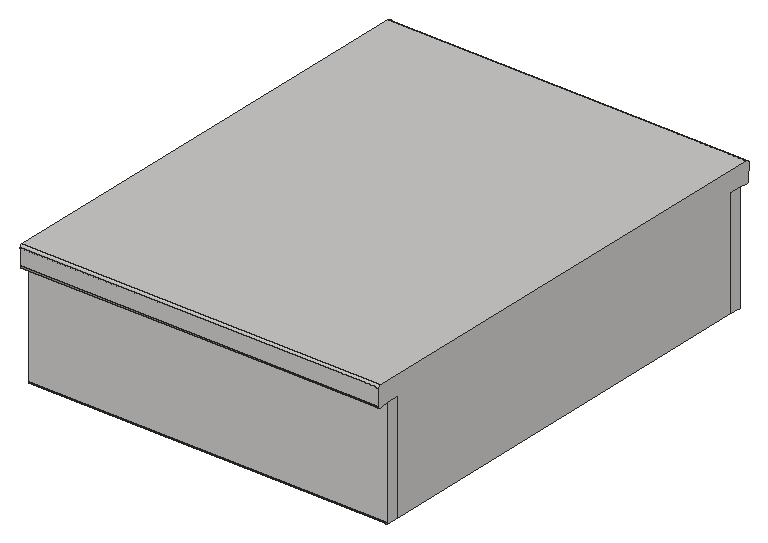
Revit family "QF_ELECTROLUXPROFESSIONAL_589162_MCNABAGOOO", category Specialty Equipment, Revit 2018
Family settings
  Round Connector Dimension = Use Diameter
  Part Type = Normal
  Work Plane-Based = No
  Always vertical = Yes
  Cut with Voids When Loaded = No
  Shared = No
  Room Calculation Point = No
Parameters
  Weight in Pounds = 59.52
  URL Cutsheet = "www.electrolux.com/professional"
  URL = "www.electrolux.com/professional"
  Type Mark [instance] = ""
  Status [instance] = ""
  Specification by User [instance] = ""
  Specification by Manufacturer = ""
  Serial Number = ""
  Seismic Rating = ""
  SMACNA No = ""
  Revision Code [instance] = ""
  Omniclass Number and Title = ""
  NAFEM Spec ID Number = ""
  Model = "589162"
  Masterspec = ""
  Manufacturer = "ELECTROLUX"
  Item Number [instance] = ""
  Installed By [instance] = ""
  Identify Quantity as Lot [instance] = yes
  Furnished By [instance] = ""
  Foodservice Equipment Identifier [instance] = yes
  Direct Waste Size = 0"
  Description = "WORK TOP,CLOSED,1-SIDE,700X900X250H"
  CSI MasterFormat = ""
  CSI Master Format = ""
Reference planes
  plane 1 "BACK": y = 0
  plane 2: z = 0
  plane 3 "LEFT": x = 0
  plane 4 "RIGHT": x = 700
  plane 5 "FRONT": y = -900
  plane 6 "TOP": z = 250
  plane 7 "Center Y": x = 350
  plane 8 "Center X": y = -450
Forms (mm)
  Extrusion 1, solid, material "QF_Finishes_Stainless Steel"
    sketch origin (0, 50.048, 0) x (0, 1, 0) y (0, 0, 1)
      loop
        line (-95.048, 213) -> (-71.412, 213) -> (-54.743, 210.061)
        arc (-54.743, 210.061) -> (-51.477, 210.936) -> (-50.048, 214) r 4
        line (-50.048, 214) -> (-50.048, 246)
        arc (-50.048, 246) -> (-51.22, 248.828) -> (-54.048, 250) r 4
        line (-54.048, 250) -> (-946.048, 250)
        arc (-946.048, 250) -> (-948.877, 248.828) -> (-950.048, 246) r 4
        line (-950.048, 246) -> (-950.048, 214)
        arc (-950.048, 214) -> (-948.619, 210.936) -> (-945.353, 210.061) r 4
        line (-945.353, 210.061) -> (-928.509, 213) -> (-905.048, 213) -> (-905.048, 0) -> (-95.048, 0) -> (-95.048, 213)
    from 0 to 700
  Extrusion 2, solid, material "QF_Finishes_Stainless Steel"
    sketch origin (0, 50.048, 0) x (0, 1, 0) y (0, 0, 1)
      loop
        arc (-928.048, 213) -> (-929.462, 212.414) -> (-930.048, 211) r 2
        line (-930.048, 211) -> (-930.048, 2)
        arc (-930.048, 2) -> (-929.462, 0.586) -> (-928.048, 0) r 2
        line (-928.048, 0) -> (-905.048, 0) -> (-905.048, 213) -> (-928.048, 213)
      loop
        line (-72.048, 213) -> (-95.048, 213) -> (-95.048, 0) -> (-72.048, 0)
        arc (-72.048, 0) -> (-70.634, 0.586) -> (-70.048, 2) r 2
        line (-70.048, 2) -> (-70.048, 211)
        arc (-70.048, 211) -> (-70.634, 212.414) -> (-72.048, 213) r 2
    from 0 to 700
Lines and regions (mm)
  symbolic lines
    curve 1: line (0, 0, 0) -> (700, 0, 0)
    curve 2: line (0, -900, 0) -> (0, 0, 0)
    curve 3: line (700, -900, 0) -> (0, -900, 0)
    curve 4: line (700, 0, 0) -> (700, -900, 0)
Dimensions and locks
  equal spacing: plane 3 "LEFT", plane 7 "Center Y", plane 4 "RIGHT"
  plane 3 "LEFT" to plane 4 "RIGHT" = 700.00 mm
  equal spacing: plane 5 "FRONT", plane 8 "Center X", plane 1 "BACK"
  plane 5 "FRONT" to plane 1 "BACK" = 900.00 mm
  plane 6 "TOP" to level = 250.00 mm
  aligned and locked: level to plane 2
  aligned and locked: Extrusion 1 to plane 4 "RIGHT"
  aligned and locked: Extrusion 2 to plane 4 "RIGHT"
Automatic sketch dimensions
  Extrusion 1 sketch curve to plane 6 "TOP" = 0.00 mm
  Extrusion 1 sketch curve to level = 0.00 mm
  Extrusion 1 sketch curve to plane 6 "TOP" = 36.00 mm
  plane 5 "FRONT" to Extrusion 1 sketch curve = 0.00 mm
  Extrusion 1 sketch curve to plane 6 "TOP" = 39.939 mm
  Extrusion 1 sketch curve to Extrusion 1 sketch curve = 4.00 mm
  Extrusion 1 sketch curve to Extrusion 1 sketch curve = 4.695 mm  (x2)
  Extrusion 1 sketch curve to Extrusion 1 sketch curve = 16.844 mm
  Extrusion 1 sketch curve to plane 5 "FRONT" = 45.00 mm
  plane 1 "BACK" to Extrusion 1 sketch curve = 45.00 mm
  Extrusion 1 sketch curve to Extrusion 1 sketch curve = 23.636 mm
  Extrusion 1 sketch curve to Extrusion 1 sketch curve = 17.364 mm
  Extrusion 1 sketch curve to Extrusion 1 sketch curve = 21.364 mm
  Extrusion 1 sketch curve to Extrusion 1 sketch curve = 0.00 mm  (x2)
  Extrusion 1 sketch curve to Extrusion 1 sketch curve = 0.695 mm
  Extrusion 1 sketch curve to plane 6 "TOP" = 37.00 mm  (x2)
  Extrusion 1 sketch curve to Extrusion 1 sketch curve = 1.00 mm
  Extrusion 2 sketch curve to level = 0.00 mm  (x2)
  level to Extrusion 2 sketch curve = 2.00 mm  (x2)
  Extrusion 2 sketch curve to plane 5 "FRONT" = 20.00 mm
  Extrusion 2 sketch curve to Extrusion 2 sketch curve = 2.00 mm
  Extrusion 2 sketch curve to Extrusion 2 sketch curve = 23.00 mm
  plane 1 "BACK" to Extrusion 2 sketch curve = 45.00 mm
  plane 1 "BACK" to Extrusion 2 sketch curve = 22.00 mm  (x2)
  Extrusion 2 sketch curve to plane 6 "TOP" = 39.00 mm  (x2)
  curve 3 to plane 3 "LEFT" = 0.00 mm
  curve 3 to plane 4 "RIGHT" = 0.00 mm
  plane 1 "BACK" to curve 2 = 0.00 mm
  curve 4 to plane 5 "FRONT" = 0.00 mm
